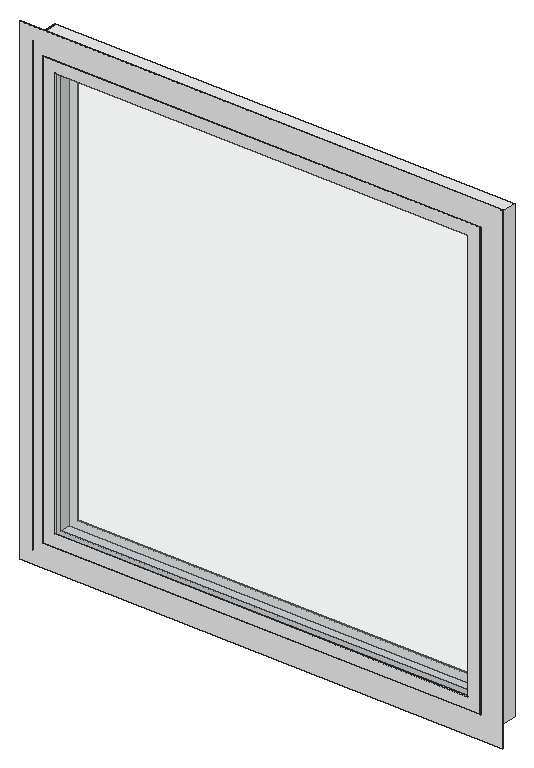
Revit family "Casement_36_A_Top_Hung_Standard", category Windows, host Wall, Revit 2014
Parameters (values of type "Casement_Sash_DG")
  Width Sash [instance] = 30 mm
  Width Sash Inner = 15 mm
  Width Bead = 15 mm
  Top Hung [instance] = yes
  Side Hung Right [instance] = yes
  Side Hung Left [instance] = yes
  Sash Opening Width [instance] = 600 mm
  Sash Opening Height [instance] = 600.312 mm
  Sash Lip = 15 mm
  Glazing Material [instance] = Glass
  DG Start Piece 2 [instance] = DG End Piece 1 + DG Gasket Thickness  # 25 mm
  DG Start Peice 1 [instance] = (Depth Sash - (2 * DG Glazing Thickness) - DG Gasket Thickness) / 2  # 6.6 mm
  Glazing Offset = 5 mm
  DG Glazing Thickness [instance] = 6.4 mm
  DG Gasket Thickness = 12 mm  # constant formula
  DG Gasket Material [instance] = none
  DG End Piece 2 [instance] = DG Start Piece 2 + DG Glazing Thickness  # 31.4 mm
  DG End Piece 1 [instance] = DG Start Peice 1 + DG Glazing Thickness  # 13 mm
  Depth Sash [instance] = 38 mm
  Center Vertical Sash [instance] = Sash Opening Height / 2  # 300.156 mm
  Center Horizontal Sash [instance] = Sash Opening Width / 2  # 300 mm
  Bottom Hung [instance] = yes
  Bead Offset = 15 mm
  Aluminium Thickness = 1 mm
  Aluminium Material [instance] = White Powder Coated Aluminium
Reference planes
  plane 1 "Center (Front/Back)": y = 0
  plane 2: z = 0
  plane 3 "Center (Left/Right)": x = 0
Forms (mm)
  Sweep 1, solid, material "White Powder Coated Aluminium" <- "Aluminium Material"
    path origin (16.177, 0, 121.331) x (1, 0, 0) y (0, 0, 1)
      loop
        line (0, 0) -> (600, 0) -> (600, 600.312) -> (0, 600.312) -> (0, 0)
    profile origin (316.177, 0, 121.331) x (0, 0, 1) y (0, -1, 0)
      loop
        line (0, 0) -> (30, 0) -> (30, 1) -> (15, 1) -> (15, 38) -> (-15, 38) -> (-15, 37) -> (0, 37) -> (0, 0)
      loop
        line (14, 1) -> (14, 37) -> (1, 37) -> (1, 1) -> (14, 1)
  Sweep 2, solid, material "White Powder Coated Aluminium" <- "Aluminium Material"
    path origin (0, 0, 0) x (1, 0, 0) y (0, 0, 1)
      loop
        line (31.177, 706.643) -> (31.177, 136.331) -> (601.177, 136.331) -> (601.177, 706.643) -> (31.177, 706.643)
    profile origin (316.177, 0, 706.643) x (0, 0, 1) y (0, -1, 0)
      loop
        line (0, 37) -> (0, 38) -> (-15, 38) -> (-15, 37) -> (0, 37)
  Extrusion 3, solid, material "Glass" <- "Glazing Material"
    sketch origin (0, 0, 0) x (1, 0, 0) y (0, 0, 1)
      loop
        line (36.177, 701.643) -> (36.177, 141.331) -> (596.177, 141.331) -> (596.177, 701.643) -> (36.177, 701.643)
    from 6.6 <- "DG Start Peice 1" to 13 <- "DG End Piece 1"
  Extrusion 4, solid, material "Glass" <- "Glazing Material"
    sketch origin (0, 0, 0) x (1, 0, 0) y (0, 0, 1)
      loop
        line (36.177, 701.643) -> (36.177, 141.331) -> (596.177, 141.331) -> (596.177, 701.643) -> (36.177, 701.643)
    from 31.4 <- "DG End Piece 2" to 25 <- "DG Start Piece 2"
  Sweep 5, solid, material <- "DG Gasket Material"
    path origin (0, -13, 0) x (1, 0, 0) y (0, 0, 1)
      loop
        line (36.177, 701.643) -> (36.177, 141.331) -> (596.177, 141.331) -> (596.177, 701.643) -> (36.177, 701.643)
    profile origin (316.177, -13, 701.643) x (0, 0, 1) y (0, -1, 0)
      loop
        line (0, 0) -> (0, 12) -> (-7.96, 12) -> (-7.96, 0) -> (0, 0)
Lines and regions (mm)
  model lines
    curve 1: line (1.177, -38, 736.643) -> (31.177, -38, 706.643)
    curve 2: line (601.177, -38, 706.643) -> (631.177, -38, 736.643)
    curve 3: line (601.177, -38, 136.331) -> (631.177, -38, 106.331)
    curve 4: line (1.177, -38, 106.331) -> (31.177, -38, 136.331)
    curve 5: line (631.177, -37, 736.643) -> (616.177, -37, 721.643)
    curve 6: line (1.177, -37, 736.643) -> (16.177, -37, 721.643)
    curve 7: line (1.177, -37, 106.331) -> (16.177, -37, 121.331)
    curve 8: line (631.177, -37, 106.331) -> (616.177, -37, 121.331)
    curve 9: line (616.177, 0, 121.331) -> (586.177, 0, 151.331)
    curve 10: line (46.177, 0, 151.331) -> (16.177, 0, 121.331)
    curve 11: line (616.177, 0, 721.643) -> (586.177, 0, 691.643)
    curve 12: line (46.177, 0, 691.643) -> (16.177, 0, 721.643)
    curve 13: line (31.177, -38, 691.643) -> (46.177, -38, 691.643)
    curve 14: line (586.177, -38, 691.643) -> (601.177, -38, 691.643)
    curve 15: line (586.177, -38, 151.331) -> (601.177, -38, 151.331)
    curve 16: line (31.177, -38, 151.331) -> (46.177, -38, 151.331)
  model lines, style "GenericModelHiddenLines", visible <- "Top Hung"
    curve 17: line (46.386, -31.4, 690.914) -> (316.177, -31.4, 151.331)
    curve 18: line (316.177, -31.4, 151.331) -> (586.177, -31.4, 691.331)
  model lines, style "GenericModelHiddenLines", visible <- "Bottom Hung"
    curve 19: line (46.177, -31.4, 151.331) -> (316.177, -31.4, 691.331)
    curve 20: line (316.177, -31.4, 691.331) -> (586.177, -31.4, 151.331)
  model lines, style "GenericModelHiddenLines", visible <- "Side Hung Left"
    curve 21: line (46.386, -31.4, 690.914) -> (585.24, -31.4, 421.487)
    curve 22: line (585.24, -31.4, 421.487) -> (46.177, -31.4, 151.331)
  model lines, style "GenericModelHiddenLines", visible <- "Side Hung Right"
    curve 23: line (586.177, -31.4, 691.331) -> (46.177, -31.4, 421.487)
    curve 24: line (46.177, -31.4, 421.487) -> (586.177, -31.4, 151.331)
Dimensions and locks
  "Aluminium Thickness": Sweep 1 sketch curve to Sweep 1 sketch curve  (x4)
  "Depth Sash": Sweep 1 sketch curve to Sweep 1 sketch curve
  "Sash Opening Width": Sweep 1 to Sweep 1
  "Sash Opening Height": Sweep 1 to Sweep 1
  "Width Sash": Sweep 1 sketch curve to Sweep 1 sketch curve  (x2)
  "Width Sash Inner": Sweep 1 sketch curve to Sweep 1 sketch curve
  "Sash Lip": Sweep 1 sketch curve to Sweep 1 sketch curve
  "Aluminium Thickness": Sweep 1 to Sweep 2 sketch curve
  "Glazing Offset": Sweep 2 to Extrusion 3 sketch curve  (x3)
  "Glazing Offset": Extrusion 3 sketch curve to Sweep 2
  Sweep 1 to Sweep 1 = 1 mm
  "Aluminium Thickness": Sweep 2 sketch curve to Sweep 2 sketch curve
  "Width Bead": Sweep 2 sketch curve to Sweep 2 sketch curve
  locked: Sweep 5 sketch curve to Sweep 5 sketch curve at 7.96
  "Center Horizontal Sash": Sweep 1 to curve 18
  "Center Horizontal Sash": Sweep 1 to curve 20
  "Center Vertical Sash": Sweep 1 to curve 22
  "Center Vertical Sash": Sweep 1 to curve 24
  aligned and locked: level to plane 2
  aligned and locked: Sweep 1 sketch curve to Sweep 1 sketch curve  (x2)
  aligned and locked: Sweep 2 sketch curve to Sweep 1  (x5)
  aligned and locked: Extrusion 4 sketch curve to Extrusion 3  (x4)
  aligned and locked: Sweep 5 sketch curve to Extrusion 3  (x5)
  aligned and locked: Extrusion 3 to Sweep 5 sketch curve
Automatic sketch dimensions
  plane 3 "Center (Left/Right)" to Sweep 1 sketch curve = 16.177 mm
  level to Sweep 1 sketch curve = 121.331 mm
  plane 3 "Center (Left/Right)" to Sweep 1 sketch curve = 616.177 mm
  level to Sweep 1 sketch curve = 721.643 mm
  profile plane to Sweep 5 sketch curve = 12 mm
  curve 7 to Sweep 1 = 0 mm  (x4)
  curve 6 to Sweep 1 = 0 mm  (x3)
  Sweep 1 to curve 6 = 0 mm
  curve 5 to Sweep 1 = 0 mm  (x3)
  curve 8 to Sweep 1 = 0 mm  (x4)
  Sweep 1 to curve 5 = 0 mm
  curve 16 to Sweep 2 = 0 mm  (x3)
  curve 13 to Sweep 2 = 0 mm  (x3)
  curve 15 to Sweep 2 = 0 mm
  Sweep 2 to curve 15 = 0 mm  (x2)
  curve 14 to Sweep 2 = 0 mm  (x2)
  Sweep 2 to curve 14 = 0 mm
  curve 1 to Sweep 1 = 0 mm  (x4)
  curve 4 to Sweep 1 = 0 mm  (x3)
  Sweep 1 to curve 4 = 0 mm
  curve 3 to Sweep 1 = 0 mm  (x3)
  curve 2 to Sweep 1 = 0 mm  (x4)
  Sweep 1 to curve 3 = 0 mm
  curve 10 to Sweep 1 = 0 mm  (x4)
  curve 12 to Sweep 1 = 0 mm  (x3)
  Sweep 1 to curve 12 = 0 mm
  curve 9 to Sweep 1 = 0 mm  (x4)
  curve 11 to Sweep 1 = 0 mm  (x3)
  Sweep 1 to curve 11 = 0 mm
  Sweep 1 sketch curve to plane 1 "Center (Front/Back)" = 0 mm
  profile plane to Sweep 1 sketch curve = 0 mm
  curve 21 to Extrusion 4 = 10.208 mm
  curve 19 to Extrusion 4 = 10 mm
  curve 23 to Extrusion 4 = 10 mm  (x2)
  curve 22 to Extrusion 4 = 10.937 mm
  curve 20 to Extrusion 4 = 10 mm
  curve 24 to Extrusion 4 = 10 mm
  curve 22 to Extrusion 4 = 10 mm
  curve 18 to Extrusion 4 = 10 mm
  curve 21 to Extrusion 4 = 10.729 mm
  curve 19 to Extrusion 4 = 10.312 mm
  curve 18 to Extrusion 4 = 10.312 mm
Types in the file's own list only (6): name | Windload Design | Width Sash Opening | Width Sash | Width Profile | Width | URL | Max Pane Area | Max System DG One Piece Thickness | Max System DG Unit Thickness | Intruderprufe U Value | Intruderprufe SHGC Value | Intruderprufe LowE U Value | Intruderprufe LowE SHGC Value | Intruderprufe Insulated U Value | Intruderprufe Insulated SHGC Value | Intruderprufe Insulated LowE U Value | Intruderprufe Insulated LowE SHGC Value | Height | Energy Advantage U Value | Energy Advantage SHGC Value | DG Thickness Calc | Custom Window Width | Custom Window Height | Window Exterior Offset | Custom Windload | Sash Width | Sash Height | Sash Spacing Inner | Sash Overlap | Sash Center Offset | SG Gasket Thickness | Offset Sash Left | Offset Sash 1 Top | Offset Bead SG Center Reversed | Model | Manufacturer | Limit Window Width Min | Limit Window Width Max | Limit Window Height Min | Limit Window Height Max | Limit Sash Width Min | Limit Sash Width Max | Limit Sash Height Min | Limit Sash Height Max | Height Sash 1 Opening | Height Sash | Description | Frame Center Offset | Depth Bead | Default Sill Height | Wall Closure | DG Gasket Finish | DG Extrusion Start | Offset Window Exterior | Clearvue U Value | Clearvue SHGC Value | Clearvue Insulated U Value | Clearvue Insulated SHGC Value | Clearvue Insulated LowE U Value | Clearvue Insulated LowE SHGC Value | Casement Dimension | Bottom Hung | Bead SG Gap
  36-0606T-1000Pa | 1000 mm | 545 mm | 514 mm | 30 mm | 590 mm | "http://www.crealco.co.za/crealco-products.php" | 0.20 m² | 6 mm | 25 mm | 6.14 | 0.476 | 5 | 0.422 | 4.5 | 0.402 | 4.12 | 0.372 | 590 mm | 0.511 | 0.446 | 4 mm | 590 mm | 590 mm | 0 mm | 1000 mm | 545 mm | 545 mm | 8 mm | 7 mm | 15 mm | 6 mm | 23 mm | 23 mm | 18 mm | "Casement 36" | "Crealco" | 346 mm | 1246 mm | 346 mm | 946 mm | 300 mm | 1200 mm | 300 mm | 900 mm | 545 mm | 514 mm | "Window 36mm, Type A top hung" | 18 mm | 22 mm | 800 mm | By host | Double Glazing Gasket Material | 8 mm | 18 mm | 6.26 | 0.497 | 4.6 | 0.437 | 4.2 | 0.399 | 36 mm | No | 13 mm
  36-0906T-1000Pa | 1000 mm | 845 mm | 814 mm | 30 mm | 890 mm | "http://www.crealco.co.za/crealco-products.php" | 0.33 m² | 6 mm | 25 mm | 6.08 | 0.523 | 4.81 | 0.463 | 4.24 | 0.443 | 3.81 | 0.408 | 590 mm | 4.9 | 0.491 | 4 mm | 890 mm | 590 mm | 0 mm | 1000 mm | 845 mm | 545 mm | 8 mm | 7 mm | 15 mm | 6 mm | 23 mm | 23 mm | 18 mm | "Casement 36" | "Crealco" | 346 mm | 1246 mm | 346 mm | 946 mm | 300 mm | 1200 mm | 300 mm | 900 mm | 545 mm | 514 mm | "Window 36mm, Type A top hung" | 18 mm | 22 mm | 800 mm | By host | Double Glazing Gasket Material | 8 mm | 18 mm | 6.2 | 0.547 | 4.34 | 0.492 | 3.88 | 0.44 | 36 mm | No | 13 mm
  36-0606T-1500Pa | 1500 mm | 545 mm | 514 mm | 30 mm | 590 mm | "http://www.crealco.co.za/crealco-products.php" | 0.20 m² | 6 mm | 25 mm | 6.14 | 0.476 | 5 | 0.422 | 4.5 | 0.402 | 4.12 | 0.372 | 590 mm | 0.511 | 0.446 | 4 mm | 590 mm | 590 mm | 0 mm | 1500 mm | 545 mm | 545 mm | 8 mm | 7 mm | 15 mm | 6 mm | 23 mm | 23 mm | 18 mm | "Casement 36" | "Crealco" | 346 mm | 1246 mm | 346 mm | 946 mm | 300 mm | 1200 mm | 300 mm | 900 mm | 545 mm | 514 mm | "Window 36mm, Type A top hung" | 18 mm | 22 mm | 800 mm | By host | Double Glazing Gasket Material | 8 mm | 18 mm | 6.26 | 0.497 | 4.6 | 0.437 | 4.2 | 0.399 | 36 mm | No | 13 mm
  36-0606T-2000Pa | 2000 mm | 545 mm | 514 mm | 30 mm | 590 mm | "http://www.crealco.co.za/crealco-products.php" | 0.20 m² | 6 mm | 25 mm | 6.14 | 0.476 | 5 | 0.422 | 4.5 | 0.402 | 4.12 | 0.372 | 590 mm | 0.511 | 0.446 | 4 mm | 590 mm | 590 mm | 0 mm | 2000 mm | 545 mm | 545 mm | 8 mm | 7 mm | 15 mm | 6 mm | 23 mm | 23 mm | 18 mm | "Casement 36" | "Crealco" | 346 mm | 1246 mm | 346 mm | 946 mm | 300 mm | 1200 mm | 300 mm | 900 mm | 545 mm | 514 mm | "Window 36mm, Type A top hung" | 18 mm | 22 mm | 800 mm | By host | Double Glazing Gasket Material | 8 mm | 18 mm | 6.26 | 0.497 | 4.6 | 0.437 | 4.2 | 0.399 | 36 mm | No | 13 mm
  36-0906T-1500Pa | 1500 mm | 845 mm | 814 mm | 30 mm | 890 mm | "http://www.crealco.co.za/crealco-products.php" | 0.33 m² | 6 mm | 25 mm | 6.08 | 0.523 | 4.81 | 0.463 | 4.24 | 0.443 | 3.81 | 0.408 | 590 mm | 4.9 | 0.491 | 4 mm | 890 mm | 590 mm | 0 mm | 1500 mm | 845 mm | 545 mm | 8 mm | 7 mm | 15 mm | 6 mm | 23 mm | 23 mm | 18 mm | "Casement 36" | "Crealco" | 346 mm | 1246 mm | 346 mm | 946 mm | 300 mm | 1200 mm | 300 mm | 900 mm | 545 mm | 514 mm | "Window 36mm, Type A top hung" | 18 mm | 22 mm | 800 mm | By host | Double Glazing Gasket Material | 8 mm | 18 mm | 6.2 | 0.547 | 4.34 | 0.492 | 3.88 | 0.44 | 36 mm | No | 13 mm
  36-0906T-2000Pa | 2000 mm | 845 mm | 814 mm | 30 mm | 890 mm | "http://www.crealco.co.za/crealco-products.php" | 0.33 m² | 6 mm | 25 mm | 6.08 | 0.523 | 4.81 | 0.463 | 4.24 | 0.443 | 3.81 | 0.408 | 590 mm | 4.9 | 0.491 | 4 mm | 890 mm | 590 mm | 0 mm | 2000 mm | 845 mm | 545 mm | 8 mm | 7 mm | 15 mm | 6 mm | 23 mm | 23 mm | 18 mm | "Casement 36" | "Crealco" | 346 mm | 1246 mm | 346 mm | 946 mm | 300 mm | 1200 mm | 300 mm | 900 mm | 545 mm | 514 mm | "Window 36mm, Type A top hung" | 18 mm | 22 mm | 800 mm | By host | Double Glazing Gasket Material | 8 mm | 18 mm | 6.2 | 0.547 | 4.34 | 0.492 | 3.88 | 0.44 | 36 mm | No | 13 mm
